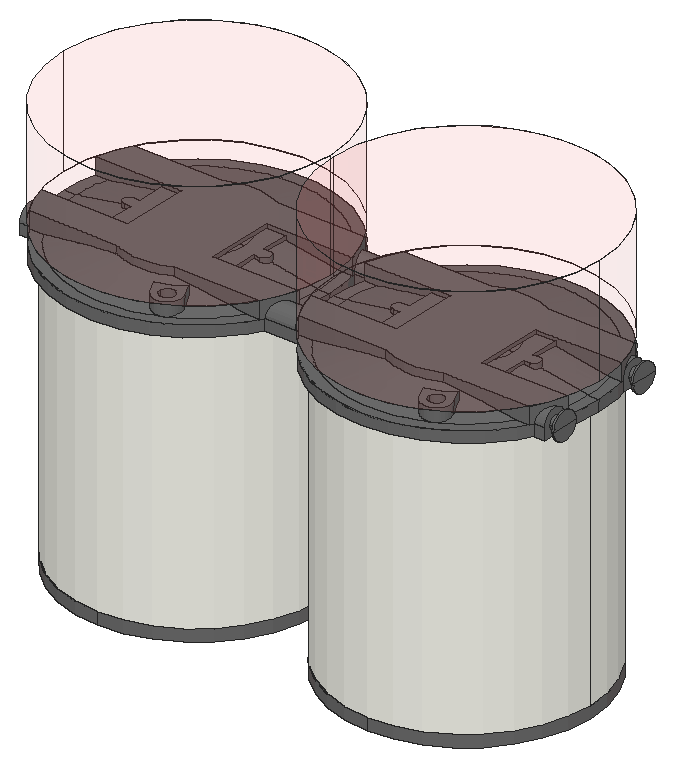
Revit family (continued)
Definition of nested family "Cooling_Plant_Accessories-Calmac-IceBank-Lid_C"
  Dimensions and locks (in)
    aligned and locked: Extrusion 5 sketch curve to plane 34 "Left Rigging Right"
    aligned and locked: Extrusion 5 sketch curve to plane 9 "Rigging Back"
    aligned and locked: plane 19 "Rigging Front" to Extrusion 5 sketch curve  (x2)
    aligned and locked: Extrusion 5 sketch curve to plane 10 "Rigging Loop Back"  (x2)
    aligned and locked: plane 20 "Rigging Loop Front" to Extrusion 5 sketch curve  (x2)
    aligned and locked: plane 42 "Right Rigging Left" to Extrusion 5 sketch curve
    aligned and locked: plane 41 "Right Rigging Loop Left" to Extrusion 5 sketch curve  (x2)
    aligned and locked: Masking region 1 sketch curve to plane 2 "Bottom"
    aligned and locked: Masking region 1 sketch curve to plane 29 "Left"
    aligned and locked: plane 37 "Right" to Masking region 1 sketch curve
    aligned and locked: plane 4 "Back" to Masking region 2 sketch curve
    aligned and locked: plane 2 "Bottom" to Masking region 2 sketch curve
    aligned and locked: Masking region 2 sketch curve to plane 14 "Front"
    aligned and locked: plane 11 "Top Back Edge" to Masking region 2 sketch curve  (x2)
    aligned and locked: Masking region 2 sketch curve to plane 21 "Top Front Edge"
    aligned and locked: plane 12 "Back Inset" to Masking region 2 sketch curve
    aligned and locked: plane 21 "Top Front Edge" to Masking region 2 sketch curve
    aligned and locked: Masking region 2 sketch curve to Masking region 2 sketch curve
    aligned and locked: plane 22 "Front Inset" to Masking region 2 sketch curve
    aligned and locked: curve 73 to Extrusion 3
    aligned and locked: plane 8 "Piping Back" to cut or joined group of Revolve 1, Extrusion 2, Extrusion 4, Extrusion 5
    aligned and locked: curve 79 to cut or joined group of Revolve 1, Extrusion 2, Extrusion 4, Extrusion 5
    aligned and locked: curve 83 to cut or joined group of Revolve 1, Extrusion 2, Extrusion 4, Extrusion 5
    aligned and locked: cut or joined group of Revolve 1, Extrusion 2, Extrusion 4, Extrusion 5 to curve 87
    aligned and locked: curve 88 to Extrusion 3
    aligned and locked: curve 89 to Extrusion 3
    aligned and locked: curve 91 to Masking region 2
    aligned and locked: cut or joined group of Revolve 1, Extrusion 2, Extrusion 4, Extrusion 5 to curve 96
    aligned and locked: curve 97 to cut or joined group of Revolve 1, Extrusion 2, Extrusion 4, Extrusion 5
    aligned and locked: cut or joined group of Revolve 1, Extrusion 2, Extrusion 4, Extrusion 5 to curve 99
    aligned and locked: curve 100 to cut or joined group of Revolve 1, Extrusion 2, Extrusion 4, Extrusion 5
    aligned and locked: curve 101 to cut or joined group of Revolve 1, Extrusion 2, Extrusion 4, Extrusion 5
    aligned and locked: cut or joined group of Revolve 1, Extrusion 2, Extrusion 4, Extrusion 5 to curve 102
    aligned and locked: cut or joined group of Revolve 1, Extrusion 2, Extrusion 4, Extrusion 5 to curve 109
    aligned and locked: curve 110 to cut or joined group of Revolve 1, Extrusion 2, Extrusion 4, Extrusion 5
    aligned and locked: curve 111 to cut or joined group of Revolve 1, Extrusion 2, Extrusion 4, Extrusion 5
    aligned and locked: curve 112 to cut or joined group of Revolve 1, Extrusion 2, Extrusion 4, Extrusion 5
    aligned and locked: curve 113 to cut or joined group of Revolve 1, Extrusion 2, Extrusion 4, Extrusion 5
    aligned and locked: curve 114 to cut or joined group of Revolve 1, Extrusion 2, Extrusion 4, Extrusion 5
    aligned and locked: curve 115 to cut or joined group of Revolve 1, Extrusion 2, Extrusion 4, Extrusion 5
    aligned and locked: curve 116 to cut or joined group of Revolve 1, Extrusion 2, Extrusion 4, Extrusion 5
    aligned and locked: curve 117 to cut or joined group of Revolve 1, Extrusion 2, Extrusion 4, Extrusion 5
    aligned and locked: curve 118 to cut or joined group of Revolve 1, Extrusion 2, Extrusion 4, Extrusion 5
    aligned and locked: curve 119 to cut or joined group of Revolve 1, Extrusion 2, Extrusion 4, Extrusion 5
    aligned and locked: curve 120 to cut or joined group of Revolve 1, Extrusion 2, Extrusion 4, Extrusion 5
    aligned and locked: curve 121 to cut or joined group of Revolve 1, Extrusion 2, Extrusion 4, Extrusion 5
    aligned and locked: curve 122 to cut or joined group of Revolve 1, Extrusion 2, Extrusion 4, Extrusion 5
    aligned and locked: curve 123 to cut or joined group of Revolve 1, Extrusion 2, Extrusion 4, Extrusion 5
    aligned and locked: curve 124 to cut or joined group of Revolve 1, Extrusion 2, Extrusion 4, Extrusion 5
    aligned and locked: curve 125 to cut or joined group of Revolve 1, Extrusion 2, Extrusion 4, Extrusion 5
    aligned and locked: curve 126 to cut or joined group of Revolve 1, Extrusion 2, Extrusion 4, Extrusion 5
    aligned and locked: curve 127 to cut or joined group of Revolve 1, Extrusion 2, Extrusion 4, Extrusion 5
    aligned and locked: curve 128 to cut or joined group of Revolve 1, Extrusion 2, Extrusion 4, Extrusion 5
    aligned and locked: curve 129 to cut or joined group of Revolve 1, Extrusion 2, Extrusion 4, Extrusion 5
    aligned and locked: curve 130 to cut or joined group of Revolve 1, Extrusion 2, Extrusion 4, Extrusion 5
    aligned and locked: curve 131 to cut or joined group of Revolve 1, Extrusion 2, Extrusion 4, Extrusion 5
    aligned and locked: curve 132 to cut or joined group of Revolve 1, Extrusion 2, Extrusion 4, Extrusion 5
    aligned and locked: curve 133 to cut or joined group of Revolve 1, Extrusion 2, Extrusion 4, Extrusion 5
    aligned and locked: curve 134 to cut or joined group of Revolve 1, Extrusion 2, Extrusion 4, Extrusion 5
    aligned and locked: curve 135 to cut or joined group of Revolve 1, Extrusion 2, Extrusion 4, Extrusion 5
    aligned and locked: curve 136 to cut or joined group of Revolve 1, Extrusion 2, Extrusion 4, Extrusion 5
    aligned and locked: curve 137 to cut or joined group of Revolve 1, Extrusion 2, Extrusion 4, Extrusion 5
    aligned and locked: curve 138 to cut or joined group of Revolve 1, Extrusion 2, Extrusion 4, Extrusion 5
    aligned and locked: cut or joined group of Revolve 1, Extrusion 2, Extrusion 4, Extrusion 5 to curve 139
    aligned and locked: curve 140 to cut or joined group of Revolve 1, Extrusion 2, Extrusion 4, Extrusion 5
    aligned and locked: curve 141 to cut or joined group of Revolve 1, Extrusion 2, Extrusion 4, Extrusion 5
    aligned and locked: cut or joined group of Revolve 1, Extrusion 2, Extrusion 4, Extrusion 5 to curve 142
    aligned and locked: curve 143 to cut or joined group of Revolve 1, Extrusion 2, Extrusion 4, Extrusion 5
    aligned and locked: curve 144 to cut or joined group of Revolve 1, Extrusion 2, Extrusion 4, Extrusion 5
    aligned and locked: curve 145 to cut or joined group of Revolve 1, Extrusion 2, Extrusion 4, Extrusion 5
    aligned and locked: curve 146 to cut or joined group of Revolve 1, Extrusion 2, Extrusion 4, Extrusion 5
    aligned and locked: curve 147 to cut or joined group of Revolve 1, Extrusion 2, Extrusion 4, Extrusion 5
    aligned and locked: curve 148 to cut or joined group of Revolve 1, Extrusion 2, Extrusion 4, Extrusion 5
    aligned and locked: curve 149 to cut or joined group of Revolve 1, Extrusion 2, Extrusion 4, Extrusion 5
    aligned and locked: curve 150 to cut or joined group of Revolve 1, Extrusion 2, Extrusion 4, Extrusion 5
    aligned and locked: curve 151 to cut or joined group of Revolve 1, Extrusion 2, Extrusion 4, Extrusion 5
    aligned and locked: curve 152 to cut or joined group of Revolve 1, Extrusion 2, Extrusion 4, Extrusion 5
    aligned and locked: curve 153 to cut or joined group of Revolve 1, Extrusion 2, Extrusion 4, Extrusion 5
    aligned and locked: curve 154 to cut or joined group of Revolve 1, Extrusion 2, Extrusion 4, Extrusion 5
    aligned and locked: curve 117 to curve 155
    aligned and locked: plane 19 "Rigging Front" to curve 156
    aligned and locked: plane 9 "Rigging Back" to curve 156
    aligned and locked: curve 111 to curve 157
    aligned and locked: plane 19 "Rigging Front" to curve 158
    aligned and locked: plane 9 "Rigging Back" to curve 158
    aligned and locked: plane 8 "Piping Back" to curve 157  (x2)
    aligned and locked: curve 159 to cut or joined group of Revolve 1, Extrusion 2, Extrusion 4, Extrusion 5
    aligned and locked: curve 160 to cut or joined group of Revolve 1, Extrusion 2, Extrusion 4, Extrusion 5
    aligned and locked: curve 161 to curve 159
    aligned and locked: curve 162 to curve 160
    aligned and locked: curve 163 to cut or joined group of Revolve 1, Extrusion 2, Extrusion 4, Extrusion 5
    aligned and locked: curve 164 to cut or joined group of Revolve 1, Extrusion 2, Extrusion 4, Extrusion 5
    aligned and locked: curve 165 to cut or joined group of Revolve 1, Extrusion 2, Extrusion 4, Extrusion 5
    aligned and locked: curve 166 to cut or joined group of Revolve 1, Extrusion 2, Extrusion 4, Extrusion 5
    aligned and locked: curve 167 to cut or joined group of Revolve 1, Extrusion 2, Extrusion 4, Extrusion 5
    aligned and locked: curve 168 to cut or joined group of Revolve 1, Extrusion 2, Extrusion 4, Extrusion 5
    aligned and locked: curve 169 to cut or joined group of Revolve 1, Extrusion 2, Extrusion 4, Extrusion 5
    aligned and locked: curve 170 to cut or joined group of Revolve 1, Extrusion 2, Extrusion 4, Extrusion 5
    aligned and locked: cut or joined group of Revolve 1, Extrusion 2, Extrusion 4, Extrusion 5 to curve 171
    aligned and locked: curve 172 to cut or joined group of Revolve 1, Extrusion 2, Extrusion 4, Extrusion 5
    aligned and locked: curve 173 to cut or joined group of Revolve 1, Extrusion 2, Extrusion 4, Extrusion 5
    aligned and locked: curve 174 to cut or joined group of Revolve 1, Extrusion 2, Extrusion 4, Extrusion 5
    aligned and locked: curve 175 to cut or joined group of Revolve 1, Extrusion 2, Extrusion 4, Extrusion 5
    aligned and locked: curve 176 to cut or joined group of Revolve 1, Extrusion 2, Extrusion 4, Extrusion 5
    aligned and locked: curve 177 to cut or joined group of Revolve 1, Extrusion 2, Extrusion 4, Extrusion 5
    aligned and locked: curve 178 to cut or joined group of Revolve 1, Extrusion 2, Extrusion 4, Extrusion 5
    aligned and locked: curve 179 to cut or joined group of Revolve 1, Extrusion 2, Extrusion 4, Extrusion 5
    aligned and locked: curve 180 to cut or joined group of Revolve 1, Extrusion 2, Extrusion 4, Extrusion 5
    aligned and locked: cut or joined group of Revolve 1, Extrusion 2, Extrusion 4, Extrusion 5 to curve 181
    aligned and locked: cut or joined group of Revolve 1, Extrusion 2, Extrusion 4, Extrusion 5 to curve 182
    aligned and locked: cut or joined group of Revolve 1, Extrusion 2, Extrusion 4, Extrusion 5 to curve 183
    aligned and locked: cut or joined group of Revolve 1, Extrusion 2, Extrusion 4, Extrusion 5 to curve 184
    aligned and locked: curve 185 to cut or joined group of Revolve 1, Extrusion 2, Extrusion 4, Extrusion 5
    aligned and locked: cut or joined group of Revolve 1, Extrusion 2, Extrusion 4, Extrusion 5 to curve 186
    aligned and locked: curve 187 to cut or joined group of Revolve 1, Extrusion 2, Extrusion 4, Extrusion 5
    aligned and locked: cut or joined group of Revolve 1, Extrusion 2, Extrusion 4, Extrusion 5 to curve 188
    aligned and locked: plane 6 "Back Connector Center" to nested 4
    aligned: nested 4 to plane 44 "Connection Sleeve Left"
    aligned and locked: nested 1 to plane 6 "Back Connector Center"
    aligned: nested 1 to plane 45 "Connection Sleeve Right"
    aligned and locked: plane 16 "Fron Connector Center" to nested 2
    aligned: nested 2 to plane 45 "Connection Sleeve Right"
    aligned and locked: nested 3 to plane 16 "Fron Connector Center"
    aligned: nested 3 to plane 44 "Connection Sleeve Left"
    aligned and locked: plane 2 "Bottom" to curve 191
    aligned and locked: plane 1 "Center (Front/Back)" to curve 191
    aligned and locked: plane 3 "Center (Left/Right)" to nested 5
    aligned and locked: plane 1 "Center (Front/Back)" to nested 5
    aligned: plane 54 "Top of Clearance Box" to nested 5
    aligned: plane 55 "Top" to nested 5  (x4)
    aligned and locked: Masking region 1 to plane 55 "Top"
    aligned and locked: plane 57 "Center (Elevation)" to Extrusion 3 sketch curve  (x4)
    aligned and locked: plane 7 "Back Connector Front" to Extrusion 3 sketch curve
    aligned and locked: plane 55 "Top" to cut or joined group of Revolve 1, Extrusion 2, Extrusion 4, Extrusion 5
    aligned and locked: plane 57 "Center (Elevation)" to curve 162
    aligned and locked: cut or joined group of Revolve 1, Extrusion 2, Extrusion 4, Extrusion 5 to plane 57 "Center (Elevation)"
    aligned: plane 57 "Center (Elevation)" to nested 1  (x2)
    aligned: plane 57 "Center (Elevation)" to nested 2  (x2)
    aligned and locked: plane 57 "Center (Elevation)" to cut or joined group of Revolve 1, Extrusion 2, Extrusion 4, Extrusion 5  (x5)
    aligned and locked: curve 161 to plane 57 "Center (Elevation)"
    aligned: plane 57 "Center (Elevation)" to nested 3
    aligned: Masking region 2 to plane 55 "Top"
    aligned: plane 56 "Connector Channel Top" to Masking region 2
    aligned and locked: plane 21 "Top Front Edge" to Masking region 2
    aligned and locked: plane 58 "Front Inset 2" to Masking region 2
    aligned and locked: plane 57 "Center (Elevation)" to curve 78
    aligned and locked: curve 163 to plane 57 "Center (Elevation)"
    aligned and locked: curve 77 to plane 8 "Piping Back"
    aligned and locked: plane 9 "Rigging Back" to curve 86
    aligned and locked: plane 19 "Rigging Front" to curve 80
    aligned and locked: curve 95 to plane 18 "Piping Front"
    aligned and locked: curve 84 to plane 10 "Rigging Loop Back"
    aligned and locked: curve 82 to plane 20 "Rigging Loop Front"
    aligned and locked: cut or joined group of Revolve 1, Extrusion 2, Extrusion 4, Extrusion 5 to plane 56 "Connector Channel Top"
    aligned and locked: nested 5 to plane 54 "Top of Clearance Box"
    aligned and locked: plane 57 "Center (Elevation)" to nested 1
    aligned and locked: plane 57 "Center (Elevation)" to nested 2
    aligned and locked: plane 57 "Center (Elevation)" to nested 3
    aligned and locked: plane 55 "Top" to nested 5  (x6)
    aligned and locked: plane 54 "Top of Clearance Box" to nested 5  (x4)
    aligned and locked: Masking region 2 sketch curve to plane 55 "Top"
    aligned and locked: plane 56 "Connector Channel Top" to Masking region 2 sketch curve
    aligned and locked: curve 192 to curve 177
    aligned and locked: curve 193 to curve 176
    aligned and locked: curve 194 to curve 175
    aligned and locked: curve 195 to curve 174
    aligned and locked: curve 196 to curve 173
    aligned and locked: curve 197 to curve 172
    aligned and locked: curve 198 to curve 171
    aligned and locked: curve 199 to curve 170
    aligned and locked: curve 200 to curve 169
    aligned and locked: curve 201 to curve 180
    aligned and locked: curve 202 to curve 179
    aligned and locked: curve 203 to curve 178
    aligned and locked: curve 204 to curve 162
    aligned and locked: curve 205 to curve 161
    aligned and locked: Extrusion 3 to plane 60 "Insulation - Right"
    aligned and locked: Extrusion 3 to plane 61 "Insulation - Left"
    aligned and locked: plane 7 "Back Connector Front" to Masking region 4 sketch curve
    aligned and locked: Masking region 4 sketch curve to plane 5 "Back Connector Back"
    aligned and locked: plane 17 "Front Connector Back" to Masking region 4 sketch curve
    aligned and locked: Masking region 4 sketch curve to plane 15 "Front Connection Front"
    aligned and locked: plane 61 "Insulation - Left" to Masking region 4 sketch curve  (x2)
    aligned and locked: plane 60 "Insulation - Right" to Masking region 4 sketch curve  (x2)
    aligned and locked: nested 4 to plane 61 "Insulation - Left"
    aligned and locked: nested 3 to plane 61 "Insulation - Left"
    aligned and locked: nested 1 to plane 60 "Insulation - Right"
    aligned and locked: nested 2 to plane 60 "Insulation - Right"
    aligned and locked: plane 61 "Insulation - Left" to Masking region 5 sketch curve
    aligned and locked: plane 56 "Connector Channel Top" to Masking region 5 sketch curve
    aligned and locked: plane 2 "Bottom" to Masking region 5 sketch curve
    aligned and locked: plane 60 "Insulation - Right" to Masking region 5 sketch curve
    aligned and locked: plane 2 "Bottom" to curve 213
    aligned and locked: curve 213 to plane 60 "Insulation - Right"
    aligned and locked: curve 208 to plane 61 "Insulation - Left"
    aligned and locked: plane 2 "Bottom" to curve 208
    aligned and locked: plane 62 "Flange Left" to nested 4
  Automatic sketch dimensions
    Extrusion 4 sketch curve to Extrusion 4 sketch curve = 0"
    Extrusion 5 sketch curve to plane 9 "Rigging Back" = 0"
    Extrusion 2 sketch curve to Extrusion 2 sketch curve = 0"  (x5)
    Extrusion 2 sketch curve to plane 35 "Top Left" = 0"
    Extrusion 2 sketch curve to plane 3 "Center (Left/Right)" = 0"
    Extrusion 2 sketch curve to plane 9 "Rigging Back" = 0"
    plane 30 "Left Lip Inset" to Extrusion 2 sketch curve = 1.96722"  (x2)
    plane 38 "Lid Inset Right" to Extrusion 2 sketch curve = 1.96722"  (x2)
    Extrusion 2 sketch curve to plane 20 "Rigging Loop Front" = 0.60261"
    Extrusion 2 sketch curve to plane 10 "Rigging Loop Back" = 0.60261"
    Masking region 2 sketch curve to plane 27 "Pad Eye Front Center" = 0.69072"
    Revolve 1 sketch curve to Revolve 1 sketch curve = 3 3/4"
    Revolve 1 sketch curve to Revolve 1 sketch curve = 9"
    Revolve 1 sketch curve to Revolve 1 sketch curve = 0"
    Masking region 1 sketch curve to Masking region 1 sketch curve = 9 1/4"
    Masking region 2 sketch curve to plane 22 "Front Inset" = 0"
    Masking region 2 sketch curve to Masking region 2 sketch curve = 3 3/4"
    Masking region 2 sketch curve to Masking region 2 sketch curve = 0.64281"
    level to Masking region 2 sketch curve = 6.26888"
    level to Masking region 2 sketch curve = 6.54801"
    Masking region 2 sketch curve to Masking region 2 sketch curve = 0.27913"
    Masking region 2 sketch curve to Masking region 2 sketch curve = 3.60719"
    curve 99 to plane 50 "Top Left Inset" = 0"
    curve 98 to plane 3 "Center (Left/Right)" = 0"
    curve 100 to plane 56 "Connector Channel Top" = 0"
    plane 43 "Top Right" to curve 102 = 0"
    plane 51 "Top Right Inset" to curve 109 = 0"
    curve 99 to plane 55 "Top" = 0"
    curve 109 to plane 55 "Top" = 0"
    plane 50 "Top Left Inset" to curve 110 = 4.45635"
    curve 98 to plane 32 "Left Rigging Loop Inset" = 1.17979"
    plane 35 "Top Left" to curve 98 = 0"
    plane 43 "Top Right" to curve 98 = 0.20898"
    plane 57 "Center (Elevation)" to curve 105 = 0.73854"
    curve 105 to plane 43 "Top Right" = 2.02375"
    plane 46 "Right Center" to curve 105 = 0.99812"
    plane 46 "Right Center" to curve 105 = 0.88046"
    curve 107 to plane 46 "Right Center" = 0.34333"
    plane 41 "Right Rigging Loop Left" to curve 106 = 0.48196"
    curve 106 to curve 106 = 0.0769"
    plane 41 "Right Rigging Loop Left" to curve 101 = 0.25712"
    curve 108 to curve 97 = 5.53004"
    plane 57 "Center (Elevation)" to curve 106 = 0.21408"
    plane 57 "Center (Elevation)" to curve 100 = 1.59188"
    curve 103 to curve 108 = 1.3737"
    curve 100 to curve 98 = 1.22618"
    level to curve 110 = 6.56901"
    curve 188 to plane 18 "Piping Front" = 0"
    curve 188 to plane 57 "Center (Elevation)" = 0"
    curve 188 to plane 55 "Top" = 0"
    curve 187 to plane 57 "Center (Elevation)" = 0.14855"
    curve 187 to plane 8 "Piping Back" = 0"
    curve 187 to plane 55 "Top" = 0"
    curve 186 to plane 18 "Piping Front" = 0"
    curve 185 to plane 8 "Piping Back" = 0"
    curve 185 to plane 57 "Center (Elevation)" = 0"
    curve 185 to plane 55 "Top" = 0"
    curve 186 to plane 57 "Center (Elevation)" = 0"
    curve 186 to plane 55 "Top" = 0.21345"
    curve 112 to curve 116 = 0"  (x2)
    curve 112 to curve 120 = 0"  (x2)
    curve 112 to curve 124 = 0"  (x2)
    curve 112 to curve 130 = 0"  (x2)
    curve 112 to curve 131 = 0"
    curve 112 to curve 145 = 0"
    curve 112 to curve 146 = 0"  (x2)
    curve 112 to curve 156 = 0"  (x2)
    curve 112 to curve 158 = 0"  (x2)
    curve 112 to curve 161 = 0"  (x2)
    curve 112 to curve 163 = 0"  (x2)
    curve 112 to curve 164 = 0"  (x2)
    curve 112 to curve 165 = 0"  (x2)
    curve 112 to curve 166 = 0"
    curve 112 to curve 167 = 0"  (x2)
    curve 112 to curve 168 = 0"
    curve 118 to curve 176 = 0"  (x2)
    curve 126 to curve 170 = 0"
    curve 151 to curve 153 = 0"
    curve 151 to curve 154 = 0"
    curve 123 to plane 52 "Right Side Chanel" = 0"
    curve 121 to plane 52 "Right Side Chanel" = 0"
    curve 168 to plane 38 "Lid Inset Right" = 0"
    plane 20 "Rigging Loop Front" to curve 135 = 0"
    plane 1 "Center (Front/Back)" to curve 136 = 0"
    curve 133 to plane 41 "Right Rigging Loop Left" = 0"
    curve 137 to plane 41 "Right Rigging Loop Left" = 0"
    curve 179 to plane 42 "Right Rigging Left" = 0"
    curve 118 to plane 43 "Top Right" = 0"
    curve 125 to plane 43 "Top Right" = 0"
    plane 18 "Piping Front" to curve 176 = 0"
    curve 176 to plane 43 "Top Right" = 0"
    curve 155 to plane 3 "Center (Left/Right)" = 0"
    curve 176 to plane 3 "Center (Left/Right)" = 0"
    curve 170 to plane 3 "Center (Left/Right)" = 0"
    curve 157 to plane 3 "Center (Left/Right)" = 0"
    plane 18 "Piping Front" to curve 117 = 0"
    curve 113 to plane 34 "Left Rigging Right" = 0"
    curve 143 to plane 33 "Left Rigging Loop Right" = 0"
    curve 148 to plane 33 "Left Rigging Loop Right" = 0"
    curve 140 to plane 10 "Rigging Loop Back" = 0"
    plane 1 "Center (Front/Back)" to curve 140 = 0"
    curve 112 to plane 50 "Top Left Inset" = 0"
    curve 116 to plane 50 "Top Left Inset" = 0"
    curve 166 to plane 30 "Left Lip Inset" = 0"
    curve 158 to curve 168 = 0"
    curve 120 to curve 164 = 4.45635"
    curve 155 to curve 164 = 0"
    plane 51 "Top Right Inset" to curve 163 = 4.45635"
    curve 157 to curve 163 = 0"
    curve 135 to plane 40 "Right Rigging Loop Inset" = 1.25367"
    curve 151 to plane 24 "Pad Eye Back Left Offset" = 0.24397"
    plane 41 "Right Rigging Loop Left" to curve 151 = 0.73123"
    curve 153 to plane 46 "Right Center" = 0.40154"
    plane 46 "Right Center" to curve 152 = 0.11395"
    curve 151 to plane 42 "Right Rigging Left" = 1.55753"
    curve 131 to plane 42 "Right Rigging Left" = 1.24396"
    plane 25 "Pad Eye Hole" to curve 151 = 0.41045"
    plane 42 "Right Rigging Left" to curve 151 = 2.62837"
    plane 26 "Pad Eye Back Left" to curve 150 = 0.04987"
    plane 43 "Top Right" to curve 150 = 0.20898"
    plane 43 "Top Right" to curve 169 = 0.88239"
    plane 1 "Center (Front/Back)" to curve 149 = 0.00093"
    plane 3 "Center (Left/Right)" to curve 149 = 0.00344"
    curve 146 to plane 34 "Left Rigging Right" = 1.24396"
    curve 140 to plane 32 "Left Rigging Loop Inset" = 1.24992"
    curve 156 to curve 165 = 0"
    curve 170 to plane 10 "Rigging Loop Back" = 0.60261"
    curve 157 to plane 1 "Center (Front/Back)" = 0.00493"
    curve 149 to curve 155 = 0.03088"
    curve 118 to plane 20 "Rigging Loop Front" = 0.60261"
    curve 184 to plane 19 "Rigging Front" = 0"
    curve 183 to plane 9 "Rigging Back" = 0"
    curve 184 to plane 57 "Center (Elevation)" = 0"
    curve 183 to plane 57 "Center (Elevation)" = 0"
    curve 184 to plane 55 "Top" = 0"
    curve 183 to plane 55 "Top" = 0"
    curve 182 to plane 57 "Center (Elevation)" = 0"
    curve 182 to plane 55 "Top" = 0"
    curve 181 to plane 9 "Rigging Back" = 0"
    curve 181 to plane 57 "Center (Elevation)" = 0"
    curve 181 to plane 55 "Top" = 0"
    curve 182 to plane 19 "Rigging Front" = 0"
    curve 92 to plane 21 "Top Front Edge" = 0"
    curve 76 to plane 11 "Top Back Edge" = 0"
    curve 78 to plane 12 "Back Inset" = 0"
    level to curve 74 = 0"
    level to curve 89 = 0"
    level to curve 90 = 0"
    level to curve 75 = 0"
    plane 56 "Connector Channel Top" to curve 81 = 0"
    plane 56 "Connector Channel Top" to curve 85 = 0"
    curve 80 to plane 55 "Top" = 0"
    curve 77 to plane 55 "Top" = 0"
    curve 191 to plane 55 "Top" = 0"
    curve 86 to plane 55 "Top" = 0"
    curve 95 to plane 55 "Top" = 0"
    plane 23 "Pad Eye Back Right" to curve 91 = 0.21387"
    curve 91 to plane 58 "Front Inset 2" = 0.00052"
    plane 22 "Front Inset" to curve 96 = 0.00227"
    plane 18 "Piping Front" to curve 92 = 0.02422"
    curve 93 to plane 20 "Rigging Loop Front" = 0.00136"
    plane 1 "Center (Front/Back)" to curve 94 = 0.0138"
    plane 1 "Center (Front/Back)" to curve 94 = 0.00177"
    curve 93 to plane 1 "Center (Front/Back)" = 0.01386"
    curve 94 to plane 10 "Rigging Loop Back" = 0.00136"
    curve 76 to plane 8 "Piping Back" = 0.00969"
    plane 56 "Connector Channel Top" to curve 93 = 1.56605"
    plane 56 "Connector Channel Top" to curve 76 = 1.45199"
    plane 56 "Connector Channel Top" to curve 92 = 1.45199"
    curve 94 to curve 93 = 0.32132"
    curve 94 to curve 83 = 0.34177"
    curve 94 to curve 84 = 0.00054"
    curve 94 to curve 94 = 0.00054"
    curve 82 to curve 93 = 0.00002"
    curve 93 to curve 93 = 0.00002"
    curve 16 to curve 157 = 1.61517"
    curve 18 to curve 18 = 0.6236"
    curve 17 to plane 11 "Top Back Edge" = 1.60052"
    curve 18 to curve 17 = 0.6236"
    curve 18 to curve 16 = 1.56427"
    curve 16 to curve 17 = 1.24719"
    curve 18 to curve 17 = 0.78196"
    curve 17 to curve 17 = 1.24746"
    curve 16 to curve 17 = 1.56393"
    curve 15 to plane 31 "Left Rigging Loop Left" = 0.92879"
    curve 15 to curve 15 = 0.78196"
    curve 15 to curve 13 = 1.24746"
    curve 15 to curve 14 = 0.78196"
    curve 13 to curve 14 = 1.56393"
    curve 14 to curve 16 = 5.29454"
    curve 15 to curve 14 = 0.6236"
    curve 14 to curve 14 = 1.56427"
    curve 13 to curve 14 = 1.24719"
    plane 1 "Center (Front/Back)" to curve 60 = 0"
    curve 1 to plane 47 "Bolt Inset Right" = 0"
    curve 41 to plane 14 "Front" = 0"
    curve 41 to plane 47 "Bolt Inset Right" = 0"
    curve 42 to plane 3 "Center (Left/Right)" = 0"
    curve 2 to plane 48 "Bolt Inset Left" = 0"
    plane 1 "Center (Front/Back)" to curve 24 = 0"
    plane 4 "Back" to curve 2 = 0"
    plane 4 "Back" to curve 1 = 0"
    plane 49 "Bolt Inset Center" to curve 3 = 0"
    curve 40 to plane 14 "Front" = 0"
    curve 58 to plane 37 "Right" = 0.00227"
    curve 59 to plane 37 "Right" = 0.00227"
    curve 61 to plane 52 "Right Side Chanel" = 0.5656"
    curve 56 to plane 52 "Right Side Chanel" = 0.5656"
    curve 55 to plane 52 "Right Side Chanel" = 0.12048"
    curve 62 to plane 52 "Right Side Chanel" = 0.12048"
    plane 45 "Connection Sleeve Right" to curve 60 = 0.26851"
    curve 56 to plane 38 "Lid Inset Right" = 0.97814"
    curve 63 to plane 38 "Lid Inset Right" = 0.97814"
    curve 63 to plane 38 "Lid Inset Right" = 0.75558"
    curve 57 to plane 38 "Lid Inset Right" = 0.75558"
    curve 62 to plane 38 "Lid Inset Right" = 0.53302"
    curve 55 to plane 38 "Lid Inset Right" = 0.53302"
    curve 53 to plane 23 "Pad Eye Back Right" = 1.03206"
    plane 51 "Top Right Inset" to curve 53 = 3.26006"
    plane 51 "Top Right Inset" to curve 64 = 3.26006"
    plane 26 "Pad Eye Back Left" to curve 52 = 1.31658"
    curve 53 to curve 52 = 1.24719"
    curve 64 to curve 65 = 1.24719"
    curve 64 to curve 66 = 1.56427"
    curve 64 to plane 11 "Top Back Edge" = 1.60052"
    plane 23 "Pad Eye Back Right" to curve 53 = 0.21541"
    curve 53 to curve 53 = 1.56427"
    curve 53 to curve 54 = 0.6236"
    curve 66 to curve 66 = 0.6236"  (x2)
    curve 54 to curve 52 = 0.6236"
    curve 67 to plane 39 "Right Rigging Loop Right" = 3.74019"
    plane 25 "Pad Eye Hole" to curve 50 = 0.6295"
    curve 50 to plane 39 "Right Rigging Loop Right" = 3.74019"
    curve 67 to curve 67 = 1.24746"
    curve 50 to curve 50 = 1.24746"
    curve 49 to plane 25 "Pad Eye Hole" = 0.61769"
    curve 50 to curve 49 = 1.56393"
    curve 67 to curve 68 = 1.56393"
    curve 69 to curve 69 = 0.78196"
    curve 50 to curve 51 = 0.78196"
    curve 49 to plane 39 "Right Rigging Loop Right" = 0.92879"
    curve 69 to plane 39 "Right Rigging Loop Right" = 0.92879"
    plane 41 "Right Rigging Loop Left" to curve 47 = 0.54143"
    plane 41 "Right Rigging Loop Left" to curve 70 = 0.54143"
    plane 41 "Right Rigging Loop Left" to curve 48 = 1.40954"
    plane 41 "Right Rigging Loop Left" to curve 72 = 1.40954"
    curve 72 to plane 46 "Right Center" = 0.53926"
    curve 48 to plane 46 "Right Center" = 0.53926"
    plane 22 "Front Inset" to curve 46 = 0.13961"
    curve 46 to plane 46 "Right Center" = 0.50624"
    plane 12 "Back Inset" to curve 71 = 0.13961"
    curve 71 to plane 46 "Right Center" = 0.50624"
    plane 46 "Right Center" to curve 48 = 0.36187"
    plane 46 "Right Center" to curve 72 = 0.36187"
    curve 4 to plane 43 "Top Right" = 1.29276"
    curve 44 to plane 43 "Top Right" = 1.29276"
    curve 45 to plane 43 "Top Right" = 0.84755"
    plane 13 "Back Bolt Front" to curve 6 = 0.28224"
    curve 6 to plane 43 "Top Right" = 0.84755"
    plane 43 "Top Right" to curve 45 = 0.12755"
    plane 13 "Back Bolt Front" to curve 6 = 0.05968"
    plane 43 "Top Right" to curve 6 = 0.12755"
    plane 43 "Top Right" to curve 43 = 0.65743"
    plane 43 "Top Right" to curve 5 = 0.65743"
    curve 45 to curve 43 = 0.97509"
    curve 5 to plane 13 "Back Bolt Front" = 0.16288"
    curve 9 to plane 13 "Back Bolt Front" = 0.16288"
    plane 35 "Top Left" to curve 9 = 1.10264"
    plane 35 "Top Left" to curve 38 = 1.10264"
    plane 35 "Top Left" to curve 38 = 0.65743"
    plane 35 "Top Left" to curve 7 = 0.65743"
    plane 35 "Top Left" to curve 39 = 0.12755"
    plane 13 "Back Bolt Front" to curve 9 = 0.05968"
    plane 35 "Top Left" to curve 9 = 0.12755"
    curve 39 to plane 22 "Front Inset" = 0.53076"
    curve 39 to plane 35 "Top Left" = 0.84755"
    plane 13 "Back Bolt Front" to curve 8 = 0.28224"
    curve 8 to plane 35 "Top Left" = 1.29276"
    curve 37 to plane 35 "Top Left" = 1.29276"
    plane 33 "Left Rigging Loop Right" to curve 36 = 3.21178"
    plane 33 "Left Rigging Loop Right" to curve 12 = 3.21178"
    plane 12 "Back Inset" to curve 10 = 0.13961"
    curve 10 to curve 10 = 0.8681"
    plane 22 "Front Inset" to curve 35 = 0.13961"
    curve 36 to curve 35 = 0.8681"
    curve 12 to curve 12 = 0.90112"
    curve 35 to curve 36 = 0.90112"
    curve 12 to curve 11 = 0.90112"
    curve 36 to plane 58 "Front Inset 2" = 0.83541"
    curve 36 to curve 36 = 0.90112"
    plane 33 "Left Rigging Loop Right" to curve 11 = 0.54143"
    plane 33 "Left Rigging Loop Right" to curve 34 = 0.54143"
    curve 32 to plane 31 "Left Rigging Loop Left" = 0.92879"
    curve 32 to curve 33 = 0.78196"
    curve 32 to plane 25 "Pad Eye Hole" = 0.61769"
    curve 33 to curve 32 = 1.24746"
    curve 33 to curve 33 = 0.78196"
    plane 25 "Pad Eye Hole" to curve 31 = 0.6295"
    curve 32 to curve 31 = 1.56393"
    curve 30 to curve 155 = 1.61517"
    curve 29 to plane 23 "Pad Eye Back Right" = 1.34852"
    curve 29 to curve 30 = 0.6236"
    plane 23 "Pad Eye Back Right" to curve 28 = 0.21541"
    curve 30 to curve 28 = 0.6236"
    plane 26 "Pad Eye Back Left" to curve 29 = 1.31658"
    curve 30 to curve 29 = 1.56427"
    curve 28 to plane 23 "Pad Eye Back Right" = 1.03206"
    curve 29 to curve 28 = 1.24719"
    curve 19 to plane 30 "Left Lip Inset" = 0.53302"
    curve 27 to plane 30 "Left Lip Inset" = 0.53302"
    curve 21 to plane 30 "Left Lip Inset" = 0.75558"
    curve 27 to plane 30 "Left Lip Inset" = 0.75558"
    curve 20 to plane 30 "Left Lip Inset" = 0.97814"
    curve 27 to plane 30 "Left Lip Inset" = 0.97814"
    plane 44 "Connection Sleeve Left" to curve 23 = 0.26851"
    curve 26 to plane 53 "Left Side Channel" = 0.12048"
    curve 19 to plane 53 "Left Side Channel" = 0.12048"
    curve 20 to plane 53 "Left Side Channel" = 0.5656"
    curve 25 to plane 53 "Left Side Channel" = 0.5656"
    curve 22 to plane 29 "Left" = 0.00227"
    curve 23 to plane 29 "Left" = 0.00227"
    plane 4 "Back" to curve 5 = 0.88851"
    plane 4 "Back" to curve 7 = 0.88851"
    curve 8 to plane 49 "Bolt Inset Center" = 0.66715"
    curve 4 to plane 49 "Bolt Inset Center" = 0.66715"
    plane 12 "Back Inset" to curve 11 = 1.00752"
    plane 12 "Back Inset" to curve 70 = 1.00752"
    plane 12 "Back Inset" to curve 10 = 1.94225"
    plane 12 "Back Inset" to curve 71 = 1.94225"
    curve 12 to curve 12 = 0.43396"
    curve 71 to curve 72 = 0.43396"
    plane 12 "Back Inset" to curve 68 = 5.22954"
    curve 68 to curve 67 = 1.24719"
    curve 68 to curve 68 = 1.56427"
    curve 68 to curve 69 = 0.6236"
    curve 65 to curve 64 = 2.81139"
    curve 65 to curve 64 = 1.56393"
    curve 65 to curve 66 = 0.78196"
    curve 19 to plane 9 "Rigging Back" = 0.41389"
    curve 62 to plane 9 "Rigging Back" = 0.41389"
    curve 21 to plane 9 "Rigging Back" = 0.85911"
    curve 62 to plane 9 "Rigging Back" = 0.85911"
    curve 62 to curve 63 = 0.97509"
    curve 21 to curve 21 = 0.97509"
    curve 62 to curve 61 = 1.95019"
    curve 19 to curve 20 = 1.95019"
    curve 59 to plane 10 "Rigging Loop Back" = 0.99983"
    curve 24 to plane 10 "Rigging Loop Back" = 0.99983"
    curve 25 to plane 19 "Rigging Front" = 2.80929"
    curve 56 to plane 19 "Rigging Front" = 2.80929"
    curve 57 to curve 56 = 0.44521"
    curve 25 to curve 25 = 0.44521"
    curve 56 to curve 57 = 0.97509"
    curve 27 to curve 27 = 0.97509"
    curve 26 to plane 19 "Rigging Front" = 0.41389"
    curve 55 to plane 19 "Rigging Front" = 0.41389"
    curve 54 to plane 23 "Pad Eye Back Right" = 0.56656"
    curve 33 to curve 31 = 1.56427"
    curve 51 to curve 50 = 1.56427"
    curve 50 to curve 51 = 0.6236"
    curve 33 to curve 33 = 0.6236"
    curve 48 to plane 58 "Front Inset 2" = 0.83541"
    curve 36 to curve 36 = 0.43396"
    curve 47 to curve 48 = 0.43396"
    plane 22 "Front Inset" to curve 47 = 1.00752"
    plane 22 "Front Inset" to curve 34 = 1.00752"
    curve 44 to plane 22 "Front Inset" = 0.53076"
    curve 39 to plane 22 "Front Inset" = 0.75332"
    curve 45 to plane 22 "Front Inset" = 0.75332"
    curve 40 to plane 22 "Front Inset" = 1.81422"
    plane 14 "Front" to curve 44 = 1.33363"
    plane 14 "Front" to curve 37 = 1.33363"
    plane 14 "Front" to curve 43 = 0.88851"
    plane 14 "Front" to curve 38 = 0.88851"
    curve 190 to plane 3 "Center (Left/Right)" = 0"
    curve 200 to curve 199 = 0.88239"
    curve 189 to plane 37 "Right" = 0"
    plane 1 "Center (Front/Back)" to curve 189 = 0"
    curve 189 to plane 29 "Left" = 0"
    curve 204 to curve 206 = 0"  (x2)
    curve 204 to curve 207 = 0"  (x2)
    curve 192 to plane 51 "Top Right Inset" = 0"
    plane 14 "Front" to curve 190 = 0.00227"
    curve 197 to plane 53 "Left Side Channel" = 0"
    plane 4 "Back" to curve 190 = 0.00227"
    plane 1 "Center (Front/Back)" to Masking region 3 sketch curve = 0"
    Masking region 3 sketch curve to plane 3 "Center (Left/Right)" = 0"
    curve 210 to curve 211 = 0.15401"
    curve 212 to curve 209 = 2.08906"
    curve 209 to curve 212 = 0.36274"
    curve 208 to curve 209 = 1 1/4"
    curve 208 to curve 211 = 0"
    curve 211 to curve 211 = 3 3/4"
    curve 211 to curve 210 = 1.76036"
    curve 210 to curve 209 = 0.06398"
    plane 60 "Insulation - Right" to curve 217 = 3.49307"
    curve 215 to curve 215 = 0.15401"
    curve 214 to curve 216 = 2.08906"
    curve 216 to curve 214 = 0.36274"
    curve 217 to curve 213 = 0"
    curve 217 to curve 217 = 3 3/4"
    curve 215 to curve 214 = 1.76036"
    curve 215 to curve 214 = 0.06398"
    radius of Masking region 3 sketch curve = 44.31273"
  Nested families (in)
    nested 1: "Cooling_Plant_Accessories-Calmac-IceBank-4-Inch Flanged Connection" at (42.59375, 16.5, 3.75), Pipe Material <- "Pipe Material", visible <- "Is Back Right Flanged Connector Visibility", type <- "Connections Front", type "Flange"
      with Pipe Material Plastic- Calmac- Black
    nested 2: "Cooling_Plant_Accessories-Calmac-IceBank-4-Inch Flanged Connection" at (42.59375, -16.5, 3.75), Pipe Material <- "Pipe Material", visible <- "Is Front Right  Flanged Connector Visibility", type <- "Connections Front", type "Flange"
      with Pipe Material Plastic- Calmac- Black
    nested 3: "Cooling_Plant_Accessories-Calmac-IceBank-4-Inch Flanged Connection" at (-42.59375, -16.5, 3.75) x (-1, 0, 0) z (0, 0, 1), Pipe Material <- "Pipe Material", visible <- "Is Front Left  Flanged Connector Visibility", type <- "Connections Rear", type "Flange"
      with Pipe Material Plastic- Calmac- Black
    nested 4: "Cooling_Plant_Accessories-Calmac-IceBank-4-Inch Flanged Connection" at (-42.59375, 16.5, 3.75) x (-1, 0, 0) z (0, 0, 1), Pipe Material <- "Pipe Material", visible <- "Is Back Left  Flanged Connector Visibility", type <- "Connections Rear", type "Flange"
      with Pipe Material Plastic- Calmac- Black
    nested 5: "Cooling_Plant_Accessories-Calmac-IceBankClearance Box" at (0, 0, 15.25), CTRL Radius <- "CTRL Radius", visible <- "Is Clearance Box Visible", type "Include Clearance"
      with Width 88 5/8", Height 36", Depth 88 5/8", CTRL Radius 44 5/16"
  Definition of nested family "Cooling_Plant_Accessories-Calmac-IceBank-4-Inch Flanged Connection"
    Parameters (values of type "Flange")
      Pipe Material [instance] = Default
      No Flange = not(Has Flange)  # no
      Has Flange = yes
    Types (3): name | Pipe Material | No Flange | Has Flange
      (no name) | Default | no | yes
      Flange | Default | no | yes
      No Flange | none | yes | no
    Reference planes (in)
      plane 1 "Center (Front/Back)": y = 0
      plane 2 "Center (Elevation)": z = 0
      plane 3 "Center (Left/Right)": x = 0
      plane 4 "Back": y = 4.5
      plane 5 "Back Face": x = 2.79297
      plane 6 "Base Back": y = 2.25
      plane 7 "Fase Back": y = 3
      plane 8 "Front": y = -4.5
      plane 9 "Base Front": y = -2.25
      plane 10 "Face Front": y = -3
      plane 11 "Face": x = 3.41797
      plane 12 "T.O. Flange": z = 4.5
      plane 13 "T.O. Pipe": z = 2.25
      plane 14 "B.O. Flange": z = -4.5
      plane 15 "B.O. Pipe": z = -2.25
    Forms (in)
      Revolve 1, solid, material "Default" <- "Pipe Material", visible <- "Has Flange", detail levels fine
        sketch origin (0, 0, 0) x (1, 0, 0) y (0, 1, 0)
          loop
            line (0, 2.25) -> (0, 0) -> (3.41797, 0) -> (3.41797, 4.5) -> (2.79297, 4.5) -> (2.79297, 2.25) -> (0, 2.25)
          axis (0, 0) -> (3.41797, 0)
        angle from 0 to 360
      Extrusion 2, solid, material "Default" <- "Pipe Material", visible <- "No Flange", detail levels fine
        sketch origin (3.41797, 0, 0) x (0, 1, 0) y (0, 0, 1)
          loop
            circle (0, 0) r 2.25
        from -3.41797 to 0
    Lines and regions (in)
      Masking region 1, detail levels fine
        outline origin (0, 0, 0) x (0, 1, 0) y (0, 0, 1)
          loop
            circle (0, 0) r 4.5
      Masking region 2, visible <- "Has Flange", detail levels fine
        outline origin (0, 0, 0) x (1, 0, 0) y (0, 0, 1)
          loop
            line (3.41797, 4.5) -> (2.79297, 4.5) -> (2.79297, 2.25) -> (0, 2.25) -> (0, -2.25) -> (2.79297, -2.25) -> (2.79297, -4.5) -> (3.41797, -4.5) -> (3.41797, 4.5)
      Masking region 3, visible <- "Has Flange", detail levels fine
        outline origin (0, 0, 0) x (1, 0, 0) y (0, 1, 0)
          loop
            line (0, 2.25) -> (0, -2.25) -> (2.79297, -2.25) -> (2.79297, -4.5) -> (3.41797, -4.5) -> (3.41797, 4.5) -> (2.79297, 4.5) -> (2.79297, 2.25) -> (0, 2.25)
      Masking region 4, visible <- "No Flange", detail levels fine
        outline origin (0, 0, 0) x (1, 0, 0) y (0, 1, 0)
          loop
            line (0, 2.25) -> (0, -2.25) -> (3.41797, -2.25) -> (3.41797, 2.25) -> (0, 2.25)
      Masking region 5, visible <- "No Flange"
        outline origin (0, 0, 0) x (1, 0, 0) y (0, 0, 1)
          loop
            line (0, 2.25) -> (0, -2.25) -> (3.41797, -2.25) -> (3.41797, 2.25) -> (0, 2.25)
      model lines, style "Piping", detail levels coarse+medium
        curve 1: line (0, 0, 0) -> (3.41797, 0, 0)
      model lines, style "Piping", visible <- "Has Flange", detail levels medium
        curve 2: arc (3.41797, -4.5, 0) -> (3.41797, 0, 4.5) -> (3.41797, 4.5, 0) r 4.5
        curve 3: arc (3.41797, 4.5, 0) -> (3.41797, 0, -4.5) -> (3.41797, -4.5, 0) r 4.5
      symbolic lines, detail levels coarse+medium
        curve 4: line (0, 0, 0) -> (3.41797, 0, 0)
        curve 5: line (0, 0, 0) -> (3.41797, 0, 0)
    Dimensions and locks (in)
      locked: plane 4 "Back" to plane 7 "Fase Back" at 1.5
      locked: plane 4 "Back" to plane 6 "Base Back" at 2.25
      locked: plane 8 "Front" to plane 10 "Face Front" at 1.5
      locked: plane 8 "Front" to plane 9 "Base Front" at 2.25
      locked: plane 1 "Center (Front/Back)" to plane 6 "Base Back" at 2.25
      locked: plane 9 "Base Front" to plane 1 "Center (Front/Back)" at 2.25
      locked: plane 3 "Center (Left/Right)" to plane 11 "Face" at 3.41797
      locked: plane 5 "Back Face" to plane 11 "Face" at 0.625
      locked: plane 2 "Center (Elevation)" to plane 14 "B.O. Flange" at 4.5
      locked: plane 2 "Center (Elevation)" to plane 15 "B.O. Pipe" at 2.25
      locked: plane 12 "T.O. Flange" to plane 2 "Center (Elevation)" at 4.5
      locked: plane 12 "T.O. Flange" to plane 13 "T.O. Pipe" at 2.25
      aligned and locked: Revolve 1 sketch curve to plane 3 "Center (Left/Right)"
      aligned and locked: Revolve 1 sketch curve to plane 5 "Back Face"
      aligned and locked: Revolve 1 sketch curve to plane 11 "Face"
      aligned and locked: Revolve 1 sketch curve to plane 1 "Center (Front/Back)"
      aligned and locked: Revolve 1 sketch curve to plane 4 "Back"
      aligned and locked: Revolve 1 sketch curve to plane 6 "Base Back"
      aligned and locked: plane 1 "Center (Front/Back)" to Revolve 1 sketch curve  (x2)
      aligned and locked: plane 3 "Center (Left/Right)" to Revolve 1 sketch curve
      aligned and locked: Masking region 1 sketch curve to Revolve 1  (x2)
      aligned and locked: Masking region 2 sketch curve to Revolve 1  (x3)
      aligned and locked: Masking region 2 sketch curve to plane 5 "Back Face"
      aligned and locked: Masking region 2 sketch curve to plane 3 "Center (Left/Right)"
      aligned and locked: Masking region 3 sketch curve to plane 3 "Center (Left/Right)"
      aligned and locked: Masking region 3 sketch curve to plane 4 "Back"
      aligned and locked: Masking region 3 sketch curve to plane 6 "Base Back"
      aligned and locked: plane 9 "Base Front" to Masking region 3 sketch curve
      aligned and locked: plane 8 "Front" to Masking region 3 sketch curve
      aligned and locked: Masking region 3 sketch curve to plane 11 "Face"
      aligned and locked: Masking region 3 sketch curve to plane 5 "Back Face"  (x2)
      aligned and locked: plane 1 "Center (Front/Back)" to curve 1
      aligned and locked: plane 3 "Center (Left/Right)" to curve 1
      aligned and locked: curve 2 to Revolve 1
      aligned and locked: curve 3 to Revolve 1
      aligned and locked: plane 11 "Face" to curve 1
      aligned and locked: plane 11 "Face" to curve 4
      aligned and locked: plane 3 "Center (Left/Right)" to curve 4
      aligned and locked: plane 1 "Center (Front/Back)" to curve 4
      aligned and locked: plane 11 "Face" to curve 5
      aligned and locked: plane 3 "Center (Left/Right)" to curve 5
      aligned and locked: curve 5 to plane 2 "Center (Elevation)"
      aligned and locked: Masking region 2 to plane 12 "T.O. Flange"
      aligned and locked: plane 13 "T.O. Pipe" to Masking region 2
      aligned and locked: plane 2 "Center (Elevation)" to curve 1
      aligned and locked: plane 15 "B.O. Pipe" to Masking region 2
      aligned and locked: Masking region 2 to plane 14 "B.O. Flange"
      aligned and locked: plane 1 "Center (Front/Back)" to Extrusion 2 sketch curve
      aligned and locked: plane 2 "Center (Elevation)" to Extrusion 2 sketch curve
      aligned and locked: Extrusion 2 to plane 3 "Center (Left/Right)"
      aligned and locked: plane 11 "Face" to Extrusion 2
      aligned and locked: Masking region 4 sketch curve to plane 9 "Base Front"
      aligned and locked: Masking region 4 sketch curve to plane 6 "Base Back"
      aligned and locked: plane 3 "Center (Left/Right)" to Masking region 4 sketch curve
      aligned and locked: Masking region 4 sketch curve to plane 11 "Face"
      aligned and locked: Masking region 5 sketch curve to plane 11 "Face"
      aligned and locked: plane 13 "T.O. Pipe" to Masking region 5 sketch curve
      aligned and locked: plane 3 "Center (Left/Right)" to Masking region 5 sketch curve
      aligned and locked: plane 15 "B.O. Pipe" to Masking region 5 sketch curve
  Definition of nested family "Cooling_Plant_Accessories-Calmac-IceBankClearance Box"
    Parameters (values of type "Include Clearance")
      Width [instance] = CTRL Radius * 2  # 89"
      Height [instance] = 36"
      Depth [instance] = Width  # 89"
      Clearance Material = Clearance
      CTRL Radius [instance] = 44 1/2"
      Assembly Code = ""
    Reference planes (in)
      plane 1 "Center (Front/Back)": y = 0
      plane 2 "Bottom": z = -6
      plane 3 "Center (Left/Right)": x = 0
      plane 4 "Top": z = 30
      plane 5 "Back": y = 44.5
      plane 6 "Left": x = -44.5
      plane 7 "Front": y = -44.5
      plane 8 "Right": x = 44.5
      plane 9 "Center (Elevation)": z = 12
    Forms (in)
      Extrusion 1, solid, material "Clearance" <- "Clearance Material"
        sketch origin (0, 0, 30) x (-1, 0, 0) y (0, -1, 0)
          loop
            circle (0, 0) r 44.5
        from -36 to 0
    Lines and regions (in)
      symbolic lines, style "Clearance"
        curve 1: line (-44.5, 0, 30) -> (44.5, 0, 30)
        curve 2: line (-44.5, 0, -6) -> (-44.5, 0, 30)
        curve 3: line (44.5, 0, -6) -> (-44.5, 0, -6)
        curve 4: line (44.5, 0, 30) -> (44.5, 0, -6)
        curve 5: line (0, -44.5, 30) -> (0, 44.5, 30)
        curve 6: line (0, -44.5, -6) -> (0, -44.5, 30)
        curve 7: line (0, 44.5, -6) -> (0, -44.5, -6)
        curve 8: line (0, 44.5, 30) -> (0, 44.5, -6)
        curve 9: circle (0, 0, 30) r 44.5 normal (0, 0, 1)
    Dimensions and locks (in)
      "Height": plane 4 "Top" to plane 2 "Bottom"
      "Depth": plane 5 "Back" to plane 7 "Front"
      "Width": plane 6 "Left" to plane 8 "Right"
      equal spacing: plane 6 "Left", plane 3 "Center (Left/Right)", plane 8 "Right"
      equal spacing: plane 5 "Back", plane 1 "Center (Front/Back)", plane 7 "Front"
      equal spacing: plane 4 "Top", plane 9 "Center (Elevation)", plane 2 "Bottom"
      "CTRL Radius": radius of Extrusion 1 sketch curve
      "CTRL Radius": radius of curve 9
      aligned: level to plane 2 "Bottom"
      aligned and locked: plane 3 "Center (Left/Right)" to Extrusion 1 sketch curve
      aligned and locked: plane 1 "Center (Front/Back)" to Extrusion 1 sketch curve
      aligned and locked: plane 3 "Center (Left/Right)" to curve 9
      aligned and locked: plane 1 "Center (Front/Back)" to curve 9
      aligned and locked: Extrusion 1 to plane 2 "Bottom"
      aligned and locked: plane 2 "Bottom" to curve 3
      aligned and locked: plane 2 "Bottom" to curve 7
      aligned and locked: plane 4 "Top" to Extrusion 1
      aligned and locked: curve 1 to plane 4 "Top"
      aligned and locked: curve 5 to plane 4 "Top"
      aligned and locked: curve 8 to plane 5 "Back"
      aligned and locked: curve 6 to plane 7 "Front"
      aligned and locked: curve 4 to plane 8 "Right"
      aligned and locked: curve 2 to plane 6 "Left"
